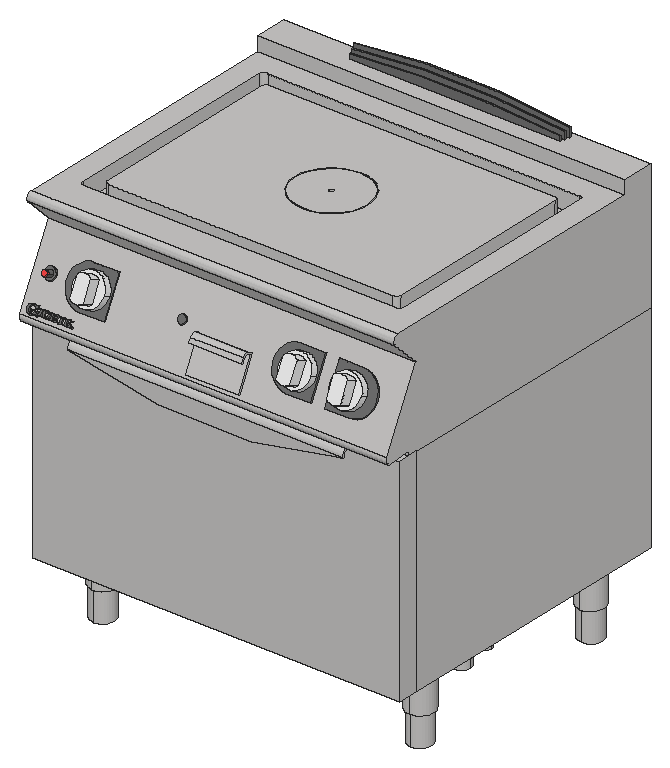
Revit family "QF_GIORIK_TG740E", category Specialty Equipment, Revit 2014
Parameters (values of type "TG740E")
  Weight in Pounds = 286.6006
  Watts = 6000 W
  Waste Water Discharge Temperature [instance] = 0 °C
  Volts = 400 V
  URL Cutsheet = "www.giorik.com"
  URL = "www.giorik.com"
  Status [instance] = ""
  Specification by User [instance] = ""
  Specification by Manufacturer = ""
  Show Logo [instance] = yes
  Show Clearance [instance] = yes
  Serial Number = ""
  Seismic Rating = ""
  SMACNA No = ""
  Revision Code [instance] = ""
  Plumbing Remarks [instance] = ""
  Plumbing Connection Type [instance] = ""
  Phase = 3
  Number of Poles [instance] = 3
  NAFEM Spec ID Number = ""
  Model = "TG740E"
  Min Ckt Ampacity = 0 A
  Mechanical Remarks [instance] = "Natural Gas"
  Mechanical Connection Type [instance] = ""
  Max Overcurrent Protection = 0 A
  Masterspec = ""
  Manufacturer = "GIORIK"
  Item Number [instance] = ""
  Installed By [instance] = ""
  Indirect Waste Size = 1"
  Indirect Waste Flow = 0.0 L/s
  Indirect Waste Connection Type [instance] = ""
  Indirect Waste Connection Height [instance] = 150 mm
  Identify Quantity as Lot [instance] = no
  HP = "8.046120000000"
  Gas Size = 1"
  Gas RI Height [instance] = 0 mm
  Gas KW = 12
  Gas Input = 12000 W
  Gas Connection Height [instance] = 150 mm
  Furnished By [instance] = ""
  Foodservice Equipment Identifier [instance] = yes
  FL Amps = 0 A
  Electrical Remarks [instance] = ""
  Electric Connection Type [instance] = ""
  Elec Conn RI Height [instance] = 0 mm
  Elec Conn Connection Height [instance] = 150 mm
  Description = "GAS SOLID TOP HOB ON ELECTRIC OVEN"
  Cycle = 50 Hz
  Conn Plug = ""
  Conn Conduit [instance] = no
  CSI MasterFormat = ""
  Assembly Code = "E1090320"
  Apparent Power = 6000 VA
Reference planes
  plane 1 "Back": y = 0
  plane 2: z = 0
  plane 3 "Left": x = 0
  plane 4 "Right": x = 800
  plane 5 "Front": y = -720
  plane 6 "Top": z = 900
Forms (mm)
  Extrusion 1, solid, visible <- "Show Logo"
    sketch origin (-83.016, -736.761, 609.486) x (-1, 0, 0) y (0, 0.452718, 0.891654)
      loop
        line (-118.824, 58.358) -> (-127.804, 58.358) -> (-125.523, 56.445) -> (-125.523, 48.027) -> (-127.804, 46.113) -> (-118.824, 46.113) -> (-121.105, 48.027) -> (-121.105, 56.445) -> (-118.824, 58.358)
      loop
        line (-163.721, 58.358) -> (-172.7, 58.358) -> (-170.42, 56.445) -> (-170.42, 48.027) -> (-172.7, 46.113) -> (-163.721, 46.113) -> (-166.001, 48.027) -> (-166.001, 56.445) -> (-163.721, 58.358)
      loop
        line (-174.332, 58.358) -> (-183.312, 58.358) -> (-181.031, 56.445) -> (-181.031, 52.435) -> (-186.419, 56.955) -> (-184.416, 58.358) -> (-191.268, 58.358) -> (-188.01, 56.839) -> (-185.455, 54.283) -> (-190.846, 47.858) -> (-193.396, 46.93) -> (-193.396, 46.113) -> (-184.416, 46.113) -> (-185.437, 47.571) -> (-182.443, 51.552) -> (-181.031, 50.894) -> (-181.031, 48.027) -> (-183.312, 46.113) -> (-174.332, 46.113) -> (-176.613, 48.027) -> (-176.613, 56.445) -> (-174.332, 58.358)
      loop
        line (-115.429, 62.063) -> (-115.429, 54.198)
        arc (-115.429, 54.198) -> (-111.618, 57.803) -> (-106.847, 59.986) r 16.039
        arc (-106.847, 59.986) -> (-103.314, 59.837) -> (-100.512, 57.68) r 5.851
        arc (-100.512, 57.68) -> (-98.815, 52.267) -> (-100.512, 46.853) r 9.479
        arc (-100.512, 46.853) -> (-102.406, 44.986) -> (-104.846, 43.93) r 7.236
        arc (-104.846, 43.93) -> (-107.728, 44.111) -> (-110.052, 45.825) r 5.11
        line (-110.052, 45.825) -> (-110.052, 52.001) -> (-116.141, 52.001) -> (-116.141, 45.503) -> (-117.893, 43.751) -> (-114.094, 44.769)
        arc (-114.094, 44.769) -> (-112.56, 44.947) -> (-111.129, 44.366) r 3.115
        arc (-111.129, 44.366) -> (-104.216, 42.091) -> (-97.303, 44.366) r 11.641
        arc (-97.303, 44.366) -> (-93.396, 52.107) -> (-97.303, 59.849) r 9.622
        arc (-97.303, 59.849) -> (-104.369, 62.174) -> (-111.435, 59.849) r 11.898
        line (-111.435, 59.849) -> (-115.429, 62.063)
      loop
        arc (-129.234, 56.068) -> (-135.893, 58.628) -> (-142.552, 56.068) r 9.941
        arc (-142.552, 56.068) -> (-144.234, 52.286) -> (-142.552, 48.505) r 5.093
        arc (-142.552, 48.505) -> (-135.893, 45.945) -> (-129.234, 48.505) r 9.941
        arc (-129.234, 48.505) -> (-127.552, 52.286) -> (-129.234, 56.068) r 5.093
      loop
        arc (-132.628, 54.403) -> (-135.893, 57.668) -> (-139.158, 54.403) r 3.265
        line (-139.158, 54.403) -> (-139.158, 50.169)
        arc (-139.158, 50.169) -> (-135.893, 46.904) -> (-132.628, 50.169) r 3.265
        line (-132.628, 50.169) -> (-132.628, 54.403)
      loop
        arc (-156.363, 58.365) -> (-159.647, 55.081) -> (-156.363, 51.796) r 3.285
        line (-156.363, 51.796) -> (-159.529, 47.306) -> (-162.087, 46.113) -> (-155.847, 46.113) -> (-153.529, 51.083) -> (-150.637, 51.083) -> (-150.637, 47.784) -> (-153.022, 46.113) -> (-144.011, 46.113) -> (-146.094, 47.68) -> (-146.094, 56.493) -> (-144.229, 58.365) -> (-156.363, 58.365)
      loop
        line (-150.637, 57.512) -> (-153.637, 57.512)
        arc (-153.637, 57.512) -> (-156.237, 54.912) -> (-153.637, 52.312) r 2.6
        line (-153.637, 52.312) -> (-150.637, 52.312) -> (-150.637, 57.512)
      loop
        line (-108.924, 52.001) -> (-104.936, 49.005) -> (-100.948, 52.001) -> (-108.924, 52.001)
    from 1.5 to -0.5
  Extrusion 2, solid
    sketch origin (-16, 1025.81, 0) x (1, 0, 0) y (0, 1, 0)
      loop
        line (25, -1086.81) -> (25, -1156.81) -> (115, -1156.81) -> (115, -1086.81) -> (25, -1086.81)
    from 148 to 150
  Extrusion 3, solid
    sketch origin (-4, 0, 130) x (1, 0, 0) y (0, 1, 0)
      loop
        circle (54, -385) r 12.5
    from 0 to 20
  Extrusion 4, solid
    sketch origin (0, 1000, -20) x (0, 1, 0) y (0, 0, 1)
      loop
        line (-1000, 919.988) -> (-1070, 919.988) -> (-1070, 889.988) -> (-1688.806, 889.988)
        arc (-1688.806, 889.988) -> (-1699.151, 883.075) -> (-1696.724, 870.873) r 11.197
        line (-1696.724, 870.873) -> (-1640.876, 815.025) -> (-1718.948, 661.258)
        arc (-1718.948, 661.258) -> (-1718.233, 650.105) -> (-1708.118, 645.354) r 10.981
        line (-1708.118, 645.354) -> (-1660, 649.925) -> (-1660, 640) -> (-1000, 640) -> (-1000, 919.988)
    from 0 to 800
  Extrusion 5, solid
    sketch origin (0, 0, 599.536) x (1, 0, 0) y (0, 1, 0)
      loop
        line (0, -640) -> (40, -640) -> (40, -40) -> (760, -40) -> (760, -640) -> (800, -640) -> (800, 0) -> (0, 0) -> (0, -640)
    from -449.536 to 20.464
  Extrusion 6, solid
    sketch origin (0, 0, 0) x (1, 0, 0) y (0, 1, 0)
      loop
        line (40, -40) -> (40, -640) -> (760, -640) -> (760, -40) -> (40, -40)
    from 150 to 190
  Extrusion 7, solid
    sketch origin (-16, 560.81, 0) x (1, 0, 0) y (0, 1, 0)
      loop
        line (25, -1086.81) -> (25, -1156.81) -> (115, -1156.81) -> (115, -1086.81) -> (25, -1086.81)
    from 148 to 150
  Revolve 8, solid
    sketch origin (54, 560.81, 0) x (0, 1, 0) y (0, 0, 1)
      loop
        line (-1092.56, 66) -> (-1092.56, 148) -> (-1121.81, 148) -> (-1121.81, 0) -> (-1096.81, 0) -> (-1096.81, 66) -> (-1092.56, 66)
      axis (-1121.81, 0) -> (-1121.81, 148)
    angle from 0 to 360
  Revolve 9, solid
    sketch origin (54, 1025.81, 0) x (0, 1, 0) y (0, 0, 1)
      loop
        line (-1092.56, 66) -> (-1092.56, 148) -> (-1121.81, 148) -> (-1121.81, 0) -> (-1096.81, 0) -> (-1096.81, 66) -> (-1092.56, 66)
      axis (-1121.81, 0) -> (-1121.81, 148)
    angle from 0 to 360
  Extrusion 10, solid
    sketch origin (816, 560.81, 0) x (-1, 0, 0) y (0, -1, 0)
      loop
        line (25, 1086.81) -> (115, 1086.81) -> (115, 1156.81) -> (25, 1156.81) -> (25, 1086.81)
    from 148 to 150
  Revolve 11, solid
    sketch origin (746, 560.81, 0) x (0, 1, 0) y (0, 0, -1)
      loop
        line (-1092.56, -66) -> (-1096.81, -66) -> (-1096.81, 0) -> (-1121.81, 0) -> (-1121.81, -148) -> (-1092.56, -148) -> (-1092.56, -66)
      axis (-1121.81, 0) -> (-1121.81, -148)
    angle from 0 to 360
  Extrusion 12, void
    sketch origin (402.225, 0, 900) x (0, 1, 0) y (-1, 0, 0)
      loop
        line (-120.3, -337.774) -> (-120.3, 342.225)
        arc (-120.3, 342.225) -> (-123.229, 349.296) -> (-130.3, 352.225) r 10
        line (-130.3, 352.225) -> (-610.265, 352.225)
        arc (-610.265, 352.225) -> (-617.336, 349.296) -> (-620.265, 342.225) r 10
        line (-620.265, 342.225) -> (-620.265, -337.774)
        arc (-620.265, -337.774) -> (-617.336, -344.845) -> (-610.265, -347.774) r 10
        line (-610.265, -347.774) -> (-130.3, -347.774)
        arc (-130.3, -347.774) -> (-123.229, -344.845) -> (-120.3, -337.774) r 10
    from -30.012 to -70.012
  Extrusion 13, solid
    sketch origin (816, -1217.81, 0) x (-1, 0, 0) y (0, -1, 0)
      loop
        line (25, -1086.81) -> (25, -1156.81) -> (115, -1156.81) -> (115, -1086.81) -> (25, -1086.81)
    from 148 to 150
  Revolve 14, solid
    sketch origin (746, -1217.81, 0) x (0, -1, 0) y (0, 0, 1)
      loop
        line (-1092.56, 66) -> (-1092.56, 148) -> (-1121.81, 148) -> (-1121.81, 0) -> (-1096.81, 0) -> (-1096.81, 66) -> (-1092.56, 66)
      axis (-1121.81, 0) -> (-1121.81, 148)
    angle from 0 to 360
  Extrusion 15, solid
    sketch origin (-199.411, 0, 829.988) x (0, 1, 0) y (-1, 0, 0)
      loop
        line (-150.3, -909.41) -> (-150.3, -289.411)
        arc (-150.3, -289.411) -> (-153.229, -282.34) -> (-160.3, -279.411) r 10
        line (-160.3, -279.411) -> (-580.265, -279.411)
        arc (-580.265, -279.411) -> (-587.336, -282.34) -> (-590.265, -289.411) r 10
        line (-590.265, -289.411) -> (-590.265, -909.41)
        arc (-590.265, -909.41) -> (-587.336, -916.481) -> (-580.265, -919.41) r 10
        line (-580.265, -919.41) -> (-160.3, -919.41)
        arc (-160.3, -919.41) -> (-153.229, -916.481) -> (-150.3, -909.41) r 10
      loop
        circle (-370.282, -599.41) r 80
    from 0 to 40
  Extrusion 16, solid
    sketch origin (-199.411, 0, 829.988) x (0, 1, 0) y (-1, 0, 0)
      loop
        circle (-370.282, -599.41) r 78
      loop
        circle (-370.282, -599.41) r 5
    from 0 to 40
  Extrusion 17, solid
    sketch origin (-293.221, -963.345, 52.363) x (1, 0, 0) y (0, 0.452718, 0.891654)
      loop
        line (463.221, 676.25) -> (463.221, 766.25) -> (409.698, 766.25)
        arc (409.698, 766.25) -> (364.698, 721.25) -> (409.698, 676.25) r 45
        line (409.698, 676.25) -> (463.221, 676.25)
    from 48 to 50
  Extrusion 18, solid
    sketch origin (481.331, -1008.697, 74.959) x (-1, 0, 0) y (0, -0.45351, -0.891251)
      loop
        circle (351.331, -721.346) r 35
    from 0 to 15
  Extrusion 19, solid
    sketch origin (481.331, -1008.697, 74.959) x (-1, 0, 0) y (0, -0.45351, -0.891251)
      loop
        arc (336.331, -743.846) -> (351.331, -748.846) -> (366.331, -743.846) r 25
        line (366.331, -743.846) -> (366.331, -698.846)
        arc (366.331, -698.846) -> (351.331, -693.846) -> (336.331, -698.846) r 25
        line (336.331, -698.846) -> (336.331, -743.846)
    from 15 to 40
  Extrusion 20, solid
    sketch origin (75.151, -980.519, 71.011) x (-1, 0, 0) y (0, -0.452718, -0.891654)
      loop
        circle (38.702, -711.666) r 12.5
    from 25 to 27
  Extrusion 21, solid
    sketch origin (801.359, -1007.501, 77.507) x (-1, 0, 0) y (0, -0.452718, -0.891654)
      loop
        circle (764.91, -718.089) r 6
    from 0 to 15
  Extrusion 22, solid
    sketch origin (801.359, -1008.537, 78.033) x (-1, 0, 0) y (0, -0.452718, -0.891654)
      loop
        circle (764.91, -718.089) r 6
    from 13.838 to 15.838
  Extrusion 23, solid
    sketch origin (222.393, -1006.711, 162.846) x (0, 0.891654, -0.452718) y (0, 0.452718, 0.891654)
      loop
        line (40, 640.1) -> (30, 640.1)
        arc (30, 640.1) -> (22.929, 637.171) -> (20, 630.1) r 10
        line (20, 630.1) -> (20, 620.1) -> (22, 620.1) -> (22, 630.1)
        arc (22, 630.1) -> (24.343, 635.757) -> (30, 638.1) r 8
        line (30, 638.1) -> (38, 638.1) -> (38, 565.1) -> (40, 565.1) -> (40, 640.1)
    from 137.5 to 252.5
  Extrusion 24, solid
    sketch origin (358.657, -975.529, 79.17) x (-1, 0, 0) y (0, -0.452718, -0.891654)
      loop
        circle (38.657, -711.64) r 9
    from 25 to 27
  Extrusion 25, solid
    sketch origin (36.031, 0, -10.001) x (1, 0, 0) y (0, 0, 1)
      loop
        line (135, 909.989) -> (592.969, 909.989) -> (592.969, 919.989) -> (440.969, 929.989) -> (287, 929.989) -> (135, 919.989) -> (135, 909.989)
    from 32 to 35
  Extrusion 26, solid
    sketch origin (38, 10, -10.001) x (1, 0, 0) y (0, 0, 1)
      loop
        line (594, 909.989) -> (594, 924.989) -> (440, 937.489) -> (284, 937.489) -> (130, 925.001) -> (130, 909.989) -> (594, 909.989)
    from 32 to 35
  Extrusion 27, solid
    sketch origin (40, 20, -10.001) x (1, 0, 0) y (0, 0, 1)
      loop
        line (595, 909.989) -> (595, 930.001) -> (439, 945.258) -> (281, 945.258) -> (125, 929.989) -> (125, 909.989) -> (595, 909.989)
    from 32 to 35
  Extrusion 28, solid
    sketch origin (1113.221, -963.345, 52.363) x (-1, 0, 0) y (0, -0.452718, -0.891654)
      loop
        line (463.221, -676.25) -> (409.698, -676.25)
        arc (409.698, -676.25) -> (364.698, -721.25) -> (409.698, -766.25) r 45
        line (409.698, -766.25) -> (463.221, -766.25) -> (463.221, -676.25)
    from 48 to 50
  Extrusion 29, solid
    sketch origin (338.669, -1008.697, 74.959) x (1, 0, 0) y (0, 0.45351, 0.891251)
      loop
        circle (351.331, 721.346) r 35
    from 0 to 15
  Extrusion 30, solid
    sketch origin (338.669, -1008.697, 74.959) x (1, 0, 0) y (0, 0.45351, 0.891251)
      loop
        line (336.331, 743.846) -> (336.331, 698.846)
        arc (336.331, 698.846) -> (351.331, 693.846) -> (366.331, 698.846) r 25
        line (366.331, 698.846) -> (366.331, 743.846)
        arc (366.331, 743.846) -> (351.331, 748.846) -> (336.331, 743.846) r 25
    from 15 to 40
  Extrusion 31, solid
    sketch origin (0, -725, 0) x (1, 0, 0) y (0, 0, 1)
      loop
        line (0, 620) -> (0, 150) -> (800, 150) -> (800, 620) -> (0, 620)
    from -85 to -40
  Extrusion 32, solid
    sketch origin (2.5, -725, -20.1) x (0, 1, 0) y (0, 0, 1)
      loop
        arc (25, 640.1) -> (14.393, 635.707) -> (10, 625.1) r 15
        line (10, 625.1) -> (12, 625.1)
        arc (12, 625.1) -> (15.808, 634.292) -> (25, 638.1) r 13
        line (25, 638.1) -> (40, 638.1) -> (40, 640.1) -> (25, 640.1)
    from 97.5 to 697.5
  Extrusion 33, solid
    sketch origin (2.5, -724.905, -20.1) x (1, 0, 0) y (0, 0, 1)
      loop
        arc (97.5, 625.1) -> (397.5, 582.413) -> (697.5, 625.1) r 1075.531
        line (697.5, 625.1) -> (97.5, 625.1)
    from -11.905 to -9.905
  Extrusion 34, solid, visible <- "Show Clearance", detail levels coarse
    sketch origin (0, 0, 0) x (0, 1, 0) y (0, 0, 1)
      loop
        line (-685, 150) -> (-685, 620)
        arc (-685, 620) -> (-1017.34, 482.34) -> (-1155, 150) r 470
        line (-1155, 150) -> (-685, 150)
    from 0 to 800
  Extrusion 35, solid
    sketch origin (826, -30, 130) x (-1, 0, 0) y (0, -1, 0)
      loop
        circle (54, 385) r 12.4
    from 0 to 20
  Extrusion 36, solid
    sketch origin (156.779, -963.345, 52.363) x (1, 0, 0) y (0, 0.452718, 0.891654)
      loop
        line (463.221, 676.25) -> (463.221, 766.25) -> (409.698, 766.25)
        arc (409.698, 766.25) -> (364.698, 721.25) -> (409.698, 676.25) r 45
        line (409.698, 676.25) -> (463.221, 676.25)
    from 48 to 50
  Extrusion 37, solid
    sketch origin (931.331, -1008.697, 74.959) x (-1, 0, 0) y (0, -0.45351, -0.891251)
      loop
        circle (351.331, -721.346) r 35
    from 0 to 15
  Extrusion 38, solid
    sketch origin (931.331, -1008.697, 74.959) x (-1, 0, 0) y (0, -0.45351, -0.891251)
      loop
        arc (336.331, -743.846) -> (351.331, -748.846) -> (366.331, -743.846) r 25
        line (366.331, -743.846) -> (366.331, -698.846)
        arc (366.331, -698.846) -> (351.331, -693.846) -> (336.331, -698.846) r 25
        line (336.331, -698.846) -> (336.331, -743.846)
    from 15 to 40
  Extrusion 39, solid
    sketch origin (0, 0, 100) x (0, 1, 0) y (-1, 0, 0)
      loop
        circle (-490, -780) r 19
    from 30 to 50
Cuts and joins
  Extrusion 12 cuts Extrusion 4
Lines and regions (mm)
  symbolic lines, style "200-EquipBorder-2D"
    curve 1: line (0, -720, 0) -> (800, -720, 0)
    curve 2: line (800, -720, 0) -> (800, 0, 0)
    curve 3: line (800, 0, 0) -> (0, 0, 0)
    curve 4: line (0, 0, 0) -> (0, -720, 0)
  symbolic lines, style "200-EquipInternal-2D"
    curve 5: line (0, -70, 900) -> (800, -70, 900)
    curve 6: circle (399.999, -370.282, 900) r 80 normal (0, 0, 1)
    curve 7: circle (399.999, -370.282, 900) r 78 normal (0, 0, 1)
    curve 8: circle (399.999, -370.282, 900) r 5 normal (0, 0, 1)
    curve 9: line (165, -12, 900) -> (635, -12, 900)
    curve 10: line (635, -12, 900) -> (635, -15, 900)
    curve 11: line (635, -15, 900) -> (165, -15, 900)
    curve 12: line (165, -15, 900) -> (165, -12, 900)
    curve 13: line (168, -22, 900) -> (632, -22, 900)
    curve 14: line (632, -22, 900) -> (632, -25, 900)
    curve 15: line (632, -25, 900) -> (168, -25, 900)
    curve 16: line (168, -25, 900) -> (168, -22, 900)
    curve 17: line (171.031, -32, 900) -> (629, -32, 900)
    curve 18: line (629, -32, 900) -> (629, -35, 900)
    curve 19: line (629, -35, 900) -> (171.031, -35, 900)
    curve 20: line (171.031, -35, 900) -> (171.031, -32, 900)
    curve 25: line (739.999, -120.3, 900) -> (60, -120.3, 900)
    curve 26: line (709.999, -150.3, 900) -> (90, -150.3, 900)
    curve 27: line (80, -160.3, 900) -> (80, -580.265, 900)
    curve 28: line (50, -130.3, 900) -> (50, -610.265, 900)
    curve 29: arc (90, -150.3, 900) -> (82.929, -153.229, 900) -> (80, -160.3, 900) r 10
    curve 30: arc (60, -120.3, 900) -> (52.929, -123.229, 900) -> (50, -130.3, 900) r 10
    curve 31: arc (749.999, -130.3, 900) -> (747.07, -123.229, 900) -> (739.999, -120.3, 900) r 10
    curve 32: line (749.999, -610.265, 900) -> (749.999, -130.3, 900)
    curve 33: arc (719.999, -160.3, 900) -> (717.07, -153.229, 900) -> (709.999, -150.3, 900) r 10
    curve 34: line (719.999, -580.265, 900) -> (719.999, -160.3, 900)
    curve 35: line (90, -590.265, 900) -> (709.999, -590.265, 900)
    curve 36: arc (739.999, -620.265, 900) -> (747.07, -617.336, 900) -> (749.999, -610.265, 900) r 10
    curve 37: arc (709.999, -590.265, 900) -> (717.07, -587.336, 900) -> (719.999, -580.265, 900) r 10
    curve 38: line (60, -620.265, 900) -> (739.999, -620.265, 900)
    curve 39: arc (80, -580.265, 900) -> (82.929, -587.336, 900) -> (90, -590.265, 900) r 10
    curve 40: arc (50, -610.265, 900) -> (52.929, -617.336, 900) -> (60, -620.265, 900) r 10
  model lines, style "200-EquipBlack-3D"
    curve 21: line (311, 0, 725.025) -> (329, 0, 725.025)
  symbolic lines, style "QF_Door-Drawer Clearances", visible <- "Show Clearance", detail levels coarse
    curve 22: line (0, -720, 0) -> (0, -1155, 0)
    curve 23: line (0, -1155, 900) -> (800, -1155, 900)
    curve 24: line (800, -1155, 900) -> (800, -720, 900)
Dimensions and locks
  plane 3 "Left" to plane 4 "Right" = 800 mm
  plane 5 "Front" to plane 1 "Back" = 720 mm
  plane 4 "Right" to plane 3 "Left" = 800 mm
  plane 1 "Back" to plane 5 "Front" = 720 mm
  plane 6 "Top" to level = 900 mm  (x2)
  aligned and locked: level to plane 2
Connectors
  piping at (50, -385, 130), diameter 25.4, driven by "Gas Size"
    settings: on Extrusion 3, index 1, connector inside diameter 24", connector length 0 mm, flow factor 0, pipe flow 0.0 L/s, pressure drop 0.0 Pa, fitting loss kfactor 0, connector angle 0.00°, fixture units 0, engagement length 0 mm, angle of deflection 0.00°, flow configuration 1, flow direction 1, fitting loss method 0, system type 22, joint type 0, gender type 0, connector reference index -1, connector utility 0, adjustable connector no, is connector primary yes, connector description "Gas inlet"
  piping at (772, -415, 130), diameter 25.4, driven by "Indirect Waste Size", driven by "Indirect Waste Flow"
    settings: on Extrusion 35, index 3, connector inside diameter 24", connector length 0 mm, flow factor 0, pipe flow 0.0 L/s, pressure drop 0.0 Pa, fitting loss kfactor 0, connector angle 0.00°, fixture units 0, engagement length 0 mm, angle of deflection 0.00°, flow configuration 1, flow direction 2, fitting loss method 0, system type 16, joint type 0, gender type 0, connector reference index -1, connector utility 0, adjustable connector no, is connector primary no, connector description "Drain connection"
  electrical at (780, -490, 130), driven by "Apparent Power", driven by "Volts", driven by "Number of Poles"
    settings: on Extrusion 39, index 4, voltage 400 V, apparent load 0 VA, apparent load phase1 6000 VA, apparent load phase2 0 VA, apparent load phase3 0 VA, power factor 1, load classification "Other", number of poles 3, system type 31, power factor state 1, is connector primary yes, connector utility no, sub classification motor no, connector description "Electrical connection"
